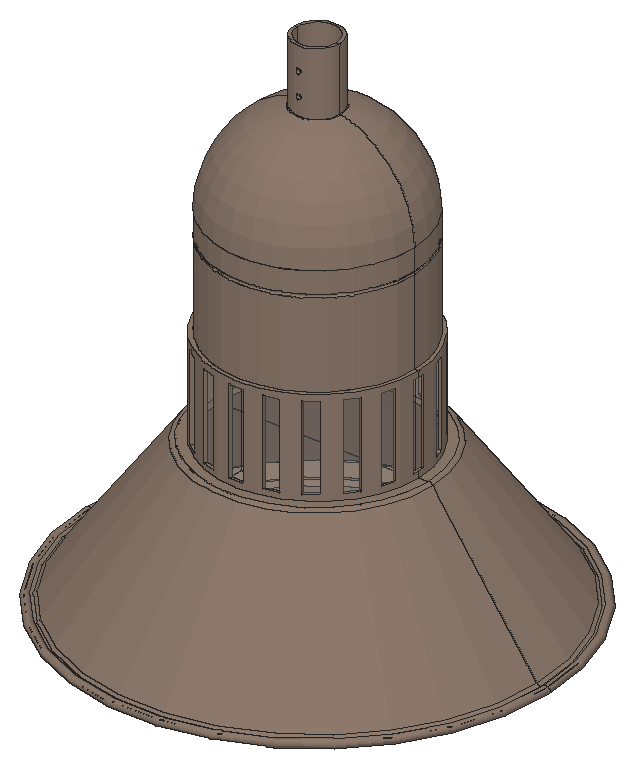
Revit family "BVA2002", category Generic Models, Revit 2014
Parameters
  GLASS = Glass
  DETAIL = Bronze, Architectural
  BELL = Bronze, Architectural
Reference planes (in)
  plane 1 "Center (Front/Back)": y = 0
  plane 2: z = 0
  plane 3 "Center (Left/Right)": x = 0
Forms (in)
  Revolve 1, solid, material "Bronze, Architectural" <- "BELL"
    sketch origin (0, 0, 0.195) x (1, 0, 0) y (0, 0, 1)
      loop
        line (0.69, 19.55254) -> (0.69, 19.42754) -> (1.0465, 19.42754)
        arc (1.0465, 19.42754) -> (3.26592, 17.9573) -> (4.125, 15.4375) r 4.125
        line (4.125, 15.4375) -> (4.125, 14.5539)
        arc (4.125, 14.5539) -> (4.08643, 14.4375) -> (4.125, 14.3211) r 0.19492
        line (4.125, 14.3211) -> (4.125, 10.6875) -> (4.25, 10.6875) -> (4.25, 14.375)
        arc (4.25, 14.375) -> (4.21143, 14.4375) -> (4.25, 14.5) r 0.06992
        line (4.25, 14.5) -> (4.25, 15.4375)
        arc (4.25, 15.4375) -> (3.35992, 18.04008) -> (1.0625, 19.55254) r 4.25
        line (1.0625, 19.55254) -> (0.69, 19.55254)
      axis (0, 19.55254) -> (0, 10.6875)
    angle from 0 to 360
  Revolve 2, solid, material "Bronze, Architectural" <- "BELL"
    sketch origin (0, 0, 0.195) x (1, 0, 0) y (0, 0, 1)
      loop
        line (4.4375, 10.6875) -> (4.25, 10.6875) -> (4.125, 10.6875) -> (4.125, 10.5625) -> (4.3125, 10.5625) -> (4.3125, 6.625) -> (4.3125, 6.375) -> (4.4375, 6.375) -> (4.87357, 6.375)
        arc (4.87357, 6.375) -> (4.92998, 6.36155) -> (4.97425, 6.32408) r 0.125
        line (4.97425, 6.32408) -> (9.49726, 0.17708)
        arc (9.49726, 0.17708) -> (9.57445, 0.09955) -> (9.66595, 0.03956) r 0.52882
        arc (9.66595, 0.03956) -> (9.82887, -0.0156) -> (9.99978, -0.035) r 0.80764
        arc (9.99978, -0.035) -> (10.1427, 0.20022) -> (9.86787, 0.21522) r 0.16042
        line (9.86787, 0.21522) -> (9.97145, 0.14524)
        arc (9.97145, 0.14524) -> (10.03213, 0.14193) -> (10.00057, 0.09) r 0.03542
        arc (10.00057, 0.09) -> (9.85748, 0.10609) -> (9.72095, 0.15185) r 0.68264
        arc (9.72095, 0.15185) -> (9.65343, 0.19644) -> (9.59616, 0.25359) r 0.40382
        line (9.59616, 0.25359) -> (5.07493, 6.39816)
        arc (5.07493, 6.39816) -> (4.98639, 6.47309) -> (4.87357, 6.5) r 0.25
        line (4.87357, 6.5) -> (4.4375, 6.5) -> (4.4375, 10.6875)
      axis (0, 10.6875) -> (0, -0.035)
    angle from 0 to 360
  Extrusion 3, void
    sketch origin (0, 0, 0.195) x (1, 0, 0) y (0, 0, 1)
      loop
        line (0.31188, 6.75) -> (0.31188, 10.4375) -> (-0.31188, 10.4375) -> (-0.31188, 6.75) -> (0.31188, 6.75)
    from 3.73148 to 4.63874
  Extrusion 4, void
    sketch origin (0, 0, 0.195) x (-1, 0, 0) y (0, 0, 1)
      loop
        line (0.31188, 6.75) -> (0.31188, 10.4375) -> (-0.31188, 10.4375) -> (-0.31188, 6.75) -> (0.31188, 6.75)
    from 3.73148 to 4.63874
  Extrusion 5, void
    sketch origin (0, 0, 0.195) x (0.951057, 0.309017, 0) y (0, 0, 1)
      loop
        line (0.31188, 6.75) -> (0.31188, 10.4375) -> (-0.31188, 10.4375) -> (-0.31188, 6.75) -> (0.31188, 6.75)
    from 3.73148 to 4.63874
  Extrusion 6, void
    sketch origin (0, 0, 0.195) x (-0.951057, -0.309017, 0) y (0, 0, 1)
      loop
        line (0.31188, 6.75) -> (0.31188, 10.4375) -> (-0.31188, 10.4375) -> (-0.31188, 6.75) -> (0.31188, 6.75)
    from 3.73148 to 4.63874
  Extrusion 7, void
    sketch origin (0, 0, 0.195) x (0.809017, 0.587785, 0) y (0, 0, 1)
      loop
        line (0.31188, 6.75) -> (0.31188, 10.4375) -> (-0.31188, 10.4375) -> (-0.31188, 6.75) -> (0.31188, 6.75)
    from 3.73148 to 4.63874
  Extrusion 8, void
    sketch origin (0, 0, 0.195) x (-0.809017, -0.587785, 0) y (0, 0, 1)
      loop
        line (0.31188, 6.75) -> (0.31188, 10.4375) -> (-0.31188, 10.4375) -> (-0.31188, 6.75) -> (0.31188, 6.75)
    from 3.73148 to 4.63874
  Extrusion 9, void
    sketch origin (0, 0, 0.195) x (0.587785, 0.809017, 0) y (0, 0, 1)
      loop
        line (0.31188, 6.75) -> (0.31188, 10.4375) -> (-0.31188, 10.4375) -> (-0.31188, 6.75) -> (0.31188, 6.75)
    from 3.73148 to 4.63874
  Extrusion 10, void
    sketch origin (0, 0, 0.195) x (-0.587785, -0.809017, 0) y (0, 0, 1)
      loop
        line (0.31188, 6.75) -> (0.31188, 10.4375) -> (-0.31188, 10.4375) -> (-0.31188, 6.75) -> (0.31188, 6.75)
    from 3.73148 to 4.63874
  Extrusion 11, void
    sketch origin (0, 0, 0.195) x (0.309017, 0.951057, 0) y (0, 0, 1)
      loop
        line (0.31188, 6.75) -> (0.31188, 10.4375) -> (-0.31188, 10.4375) -> (-0.31188, 6.75) -> (0.31188, 6.75)
    from 3.73148 to 4.63874
  Extrusion 12, void
    sketch origin (0, 0, 0.195) x (-0.309017, -0.951057, 0) y (0, 0, 1)
      loop
        line (0.31188, 6.75) -> (0.31188, 10.4375) -> (-0.31188, 10.4375) -> (-0.31188, 6.75) -> (0.31188, 6.75)
    from 3.73148 to 4.63874
  Extrusion 13, void
    sketch origin (0, 0, 0.195) x (0, 1, 0) y (0, 0, 1)
      loop
        line (0.31188, 6.75) -> (0.31188, 10.4375) -> (-0.31188, 10.4375) -> (-0.31188, 6.75) -> (0.31188, 6.75)
    from 3.73148 to 4.63874
  Extrusion 14, void
    sketch origin (0, 0, 0.195) x (0, -1, 0) y (0, 0, 1)
      loop
        line (0.31188, 6.75) -> (0.31188, 10.4375) -> (-0.31188, 10.4375) -> (-0.31188, 6.75) -> (0.31188, 6.75)
    from 3.73148 to 4.63874
  Extrusion 15, void
    sketch origin (0, 0, 0.195) x (-0.309017, 0.951057, 0) y (0, 0, 1)
      loop
        line (0.31188, 6.75) -> (0.31188, 10.4375) -> (-0.31188, 10.4375) -> (-0.31188, 6.75) -> (0.31188, 6.75)
    from 3.73148 to 4.63874
  Extrusion 16, void
    sketch origin (0, 0, 0.195) x (0.309017, -0.951057, 0) y (0, 0, 1)
      loop
        line (0.31188, 6.75) -> (0.31188, 10.4375) -> (-0.31188, 10.4375) -> (-0.31188, 6.75) -> (0.31188, 6.75)
    from 3.73148 to 4.63874
  Extrusion 17, void
    sketch origin (0, 0, 0.195) x (-0.587785, 0.809017, 0) y (0, 0, 1)
      loop
        line (0.31188, 6.75) -> (0.31188, 10.4375) -> (-0.31188, 10.4375) -> (-0.31188, 6.75) -> (0.31188, 6.75)
    from 3.73148 to 4.63874
  Extrusion 18, void
    sketch origin (0, 0, 0.195) x (0.587785, -0.809017, 0) y (0, 0, 1)
      loop
        line (0.31188, 6.75) -> (0.31188, 10.4375) -> (-0.31188, 10.4375) -> (-0.31188, 6.75) -> (0.31188, 6.75)
    from 3.73148 to 4.63874
  Extrusion 19, void
    sketch origin (0, 0, 0.195) x (-0.809017, 0.587785, 0) y (0, 0, 1)
      loop
        line (0.31188, 6.75) -> (0.31188, 10.4375) -> (-0.31188, 10.4375) -> (-0.31188, 6.75) -> (0.31188, 6.75)
    from 3.73148 to 4.63874
  Extrusion 20, void
    sketch origin (0, 0, 0.195) x (0.809017, -0.587785, 0) y (0, 0, 1)
      loop
        line (0.31188, 6.75) -> (0.31188, 10.4375) -> (-0.31188, 10.4375) -> (-0.31188, 6.75) -> (0.31188, 6.75)
    from 3.73148 to 4.63874
  Extrusion 21, void
    sketch origin (0, 0, 0.195) x (-0.951057, 0.309017, 0) y (0, 0, 1)
      loop
        line (0.31188, 6.75) -> (0.31188, 10.4375) -> (-0.31188, 10.4375) -> (-0.31188, 6.75) -> (0.31188, 6.75)
    from 3.73148 to 4.63874
  Extrusion 22, void
    sketch origin (0, 0, 0.195) x (0.951057, -0.309017, 0) y (0, 0, 1)
      loop
        line (0.31188, 6.75) -> (0.31188, 10.4375) -> (-0.31188, 10.4375) -> (-0.31188, 6.75) -> (0.31188, 6.75)
    from 3.73148 to 4.63874
  Revolve 23, solid, material "Bronze, Architectural" <- "DETAIL"
    sketch origin (0, 0, 0.195) x (1, 0, 0) y (0, 0, 1)
      loop
        line (8.66222, 0.68) -> (8.73478, 0.27787)
        arc (8.73478, 0.27787) -> (8.94025, 0.15504) -> (9.17668, 0.1175) r 0.63153
        line (9.17668, 0.1175) -> (9.3795, 0.1175) -> (9.65108, -0.00251) -> (9.85173, -0.00251) -> (9.40116, 0.18419) -> (8.80367, 0.2903) -> (8.72999, 0.6986) -> (8.72072, 0.75) -> (8.66849, 0.75) -> (7.52427, 0.75) -> (7.52427, 0.68) -> (8.66222, 0.68)
      axis (0, -0.00251) -> (0, 0.75)
    angle from 0 to 360
  Revolve 24, solid, material "Bronze, Architectural" <- "DETAIL"
    sketch origin (0, 0, 0.195) x (1, 0, 0) y (0, 0, 1)
      loop
        line (7.375, 0.4925) -> (7.375, 0.055) -> (6.875, 0.055) -> (6.875, -0.195) -> (7.5, -0.195) -> (7.5, 0.1175) -> (8.5625, 0.1175) -> (8.5625, 0.4925) -> (7.375, 0.4925)
      axis (0, 0.4925) -> (0, -0.195)
    angle from 0 to 360
  Revolve 25, solid, material "Glass" <- "GLASS"
    sketch origin (0, 0, 0.195) x (1, 0, 0) y (0, 0, 1)
      loop
        line (7.24951, 0.055) -> (7.24951, 0.18) -> (0, 0.18) -> (0, 0.055) -> (7.24951, 0.055)
      axis (0, 0.18) -> (0, 0.055)
    angle from 0 to 360
  Revolve 26, solid, material "Bronze, Architectural" <- "BELL"
    sketch origin (0, 0, 0.195) x (1, 0, 0) y (0, 0, 1)
      loop
        line (-1, 22.30254) -> (-1, 19.55254) -> (-0.875, 19.55254) -> (-0.875, 22.30254) -> (-1, 22.30254)
      axis (0, 22.30254) -> (0, 19.55254)
    angle from 0 to 360
  Extrusion 27, void
    sketch origin (0, 0, 0.195) x (1, 0, 0) y (0, 0, 1)
      loop
        circle (0, 21.30254) r 0.12446
      loop
        circle (0, 20.30254) r 0.12446
    from -1.09632 to 1.05805
  Revolve 28, solid, material "Glass" <- "GLASS"
    sketch origin (0, 0, 0.195) x (1, 0, 0) y (0, 0, 1)
      loop
        line (-4.3125, 10.5625) -> (-4.3125, 6.375) -> (0, 6.375) -> (0, 10.5625) -> (-4.3125, 10.5625)
      axis (0, 10.5625) -> (0, 6.375)
    angle from 0 to 360
Cuts and joins
  Extrusion 3, Extrusion 4, Extrusion 5, Extrusion 6, Extrusion 7, Extrusion 8, Extrusion 9, Extrusion 10, Extrusion 11, Extrusion 12, Extrusion 13, Extrusion 14, Extrusion 15, Extrusion 16, Extrusion 17, Extrusion 18, Extrusion 19, Extrusion 20, Extrusion 21, Extrusion 22 cuts Revolve 2
  Extrusion 3 cuts Revolve 28
  Extrusion 27 cuts Revolve 26
Dimensions and locks (in)
  aligned and locked: plane 2 to level
